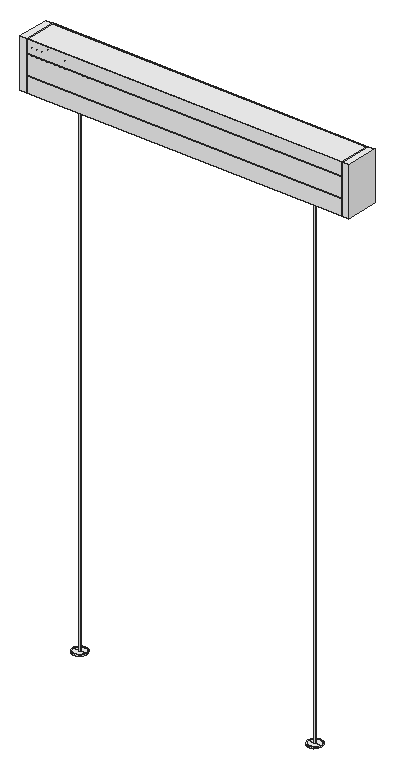
Revit family "2.3 inch  MAGIC WALL WASH LINEAR LIGHT", category Lighting Fixtures, host Face, Revit 2020 (continued)
Types (17): name | Wattage Comments | Wattage | Wall Mount | Suspenders Distance | Surface Mount | Recessed Mount | Photometric Web File | Pendent Mount | Order number | built-in parameter 1150142 | Model | built-in parameter 1150105 | Lumens | Light Source Height | Light Source Distance | built-in parameter 1150106 | Fixture Length
        45.77    41.37    38.77    36.20    33.66    31.14    \r\n 28.64    26.17    23.71    21.27    18.85    16.44    14.04    11.64    9.26     6.88     \r\n 4.50     4.52     4.54     4.56     4.57     4.59     4.61     4.63     4.65     4.66     \r\n 4.68     4.70     4.71     4.73     4.74     4.76     4.77     4.78     4.79     4.80     \r\n 4.81     4.82     4.83     4.84     4.85     4.86     4.87     4.88     4.89     4.90     \r\n 4.91     4.93     4.94     4.93     4.92     4.91     4.90     4.88     4.87     4.85     \r\n 4.83     4.81     4.79     4.77     4.75     4.73     4.71     4.68     4.66     4.64     \r\n 4.61     4.59     4.56     4.54     4.52     4.50     4.48     4.46     4.44     4.43     \r\n 4.40     4.38     4.36     4.33     4.31     4.28     4.26     4.24     4.22     4.21     \r\n 4.21     4.21     4.23     4.25     4.27     4.31     4.34     4.38     4.42     4.46     \r\n 4.51     4.55     4.60     4.65     4.70     4.76     4.82     4.88     4.94     5.00     \r\n 5.06     5.12     5.19     5.25     5.31     5.37     5.43     5.49     5.55     5.61     \r\n 5.66     5.71     5.76     5.80     5.84     5.88     5.92     5.96     5.99     6.03     \r\n 6.06     6.09     6.11     6.14     6.16     6.18     6.20     6.22     6.24     6.25     \r\n 6.26     6.26     6.26     6.27     6.26     6.25     6.25     6.24     6.23     6.22     \r\n 6.19     6.16     6.11     6.07     6.02     5.99     5.95     5.92     5.88     5.85     \r\n 5.82     5.79     5.76     5.73     5.70     5.67     5.64     5.61     5.57     5.54     \r\n 5.51     5.48     5.45     5.41     5.38     5.34     5.29     5.25     5.20     5.16     \r\n 5.11     5.07     5.03     4.99     4.94     4.90     4.86     4.82     4.77     4.73     \r\n 4.69     4.65     4.61     4.57     4.53     4.50     4.45     4.41     4.37     4.31     \r\n 4.26     \r\n1793.11  1779.69  1766.28  1752.30  1737.88  1723.48  1709.25  1695.02  1680.56  1665.96  \r\n 1651.33  1636.64  1621.93  1606.43  1590.73  1574.88  1558.73  1542.63  1525.91  1509.13  \r\n 1492.25  1475.24  1458.27  1440.41  1422.56  1404.98  1387.62  1370.22  1352.28  1334.39  \r\n 1316.50  1298.62  1280.85  1263.60  1246.42  1229.51  1212.77  1196.07  1179.44  1162.87  \r\n 1147.32  1132.28  1117.23  1102.11  1087.10  1072.56  1058.25  1044.10  1030.59  1017.13  \r\n 1004.28  990.03   975.73   961.75   947.88   934.12   920.46   906.92   893.96   881.09   \r\n 868.72   856.90   845.16   833.54   822.00   810.61   799.44   788.36   777.52   766.85   \r\n 756.27   746.03   735.89   725.96   716.25   706.59   697.00   687.46   678.01   668.89   \r\n 659.85   650.94   642.19   633.50   624.94   616.49   608.11   599.94   591.83   583.74   \r\n 575.49   566.41   556.99   547.91   538.91   529.99   521.16   512.38   503.75   495.28   \r\n 486.86   478.44   470.04   461.68   453.46   445.35   437.31   429.40   421.59   413.83   \r\n 406.16   398.61   391.14   383.70   376.14   368.62   361.14   354.04   347.00   340.00   \r\n 333.04   325.44   317.57   309.79   302.18   294.61   287.08   279.52   271.94   264.44   \r\n 257.02   249.72   242.48   235.29   228.17   221.04   213.98   206.99   200.07   193.24   \r\n 186.50   179.83   173.23   166.71   160.37   154.17   148.01   141.91   135.86   129.91   \r\n 124.01   118.16   112.34   106.57   100.83   95.06    89.33    83.66    78.04    72.48    \r\n 66.97    61.51    56.10    51.88    48.95    46.05    43.16    40.30    37.46    34.64    \r\n 31.84    29.05    26.28    23.52    20.77    18.03    15.30    12.58    9.86     7.14     \r\n 4.43     4.45     4.46     4.48     4.49     4.51     4.52     4.54     4.55     4.57     \r\n 4.58     4.60     4.61     4.62     4.64     4.65     4.66     4.67     4.69     4.70     \r\n 4.71     4.72     4.74     4.75     4.76     4.77     4.79     4.80     4.81     4.83     \r\n 4.84     4.85     4.87     4.88     4.89     4.90     4.91     4.91     4.89     4.87     \r\n 4.85     4.83     4.81     4.79     4.76     4.74     4.72     4.69     4.67     4.64     \r\n 4.61     4.58     4.54     4.49     4.44     4.38     4.31     4.24     4.16     4.09     \r\n 4.02     4.00     3.98     3.97     3.97     3.98     4.00     4.02     4.05     4.08     \r\n 4.11     4.14     4.18     4.22     4.26     4.30     4.35     4.39     4.43     4.48     \r\n 4.52     4.57     4.62     4.67     4.73     4.78     4.84     4.90     4.96     5.02     \r\n 5.09     5.15     5.22     5.28     5.34     5.39     5.45     5.50     5.55     5.60     \r\n 5.64     5.68     5.73     5.77     5.81     5.85     5.89     5.92     5.96     6.00     \r\n 6.03     6.07     6.11     6.15     6.18     6.22     6.24     6.27     6.29     6.30     \r\n 6.31     6.31     6.31     6.31     6.30     6.30     6.28     6.25     6.23     6.18     \r\n 6.14     6.09     6.05     6.01     5.98     5.95     5.92     5.89     5.86     5.83     \r\n 5.80     5.77     5.74     5.71     5.68     5.65     5.62     5.59     5.56     5.53     \r\n 5.50     5.47     5.44     5.40     5.36     5.31     5.27     5.22     5.18     5.13     \r\n 5.09     5.05     5.01     4.96     4.92     4.88     4.84     4.80     4.76     4.72     \r\n 4.68     4.64     4.60     4.56     4.52     4.49     4.45     4.41     4.36     4.31     \r\n 4.26     \r\n1793.11  1780.24  1767.38  1754.16  1740.35  1726.56  1712.90  1699.29  1685.62  1671.66  \r\n 1657.67  1643.64  1629.56  1615.46  1600.53  1585.55  1570.45  1555.10  1539.80  1524.04  \r\n 1508.08  1492.13  1475.99  1459.87  1443.41  1426.47  1409.55  1392.96  1376.44  1359.85  \r\n 1342.92  1326.05  1309.19  1292.32  1275.49  1259.20  1243.06  1227.03  1211.28  1195.59  \r\n 1179.97  1164.44  1148.99  1134.58  1120.42  1106.32  1090.69  1074.59  1058.76  1043.28  \r\n 1027.94  1013.12  998.55   984.08   970.43   956.88   943.50   930.51   917.64   904.87   \r\n 892.20   879.64   867.44   855.45   843.56   832.39   821.40   810.49   799.70   788.99   \r\n 778.39   768.04   757.76   747.65   737.81   728.04   718.49   709.23   700.05   690.97   \r\n 681.94   672.97   664.09   655.31   646.39   636.40   626.63   616.91   607.29   597.79   \r\n 588.37   579.05   569.86   560.72   551.67   542.82   534.04   525.32   516.49   507.75   \r\n 499.08   490.73   482.51   474.37   466.25   458.12   450.05   442.05   434.31   426.63   \r\n 419.01   411.37   403.70   396.09   388.53   380.70   372.36   364.07   355.85   347.69   \r\n 339.59   331.56   323.62   315.82   308.05   300.33   292.63   284.92   277.28   269.72   \r\n 262.24   254.88   247.58   240.31   233.10   225.94   218.88   211.88   204.92   198.01   \r\n 191.31   184.69   178.13   171.61   165.15   158.73   152.39   146.11   139.87   133.67   \r\n 127.51   121.39   115.29   109.22   103.19   97.20    91.24    85.31    79.42    73.55    \r\n 67.72    63.30    60.06    56.84    53.64    50.47    47.31    44.17    41.04    37.93    \r\n 34.83    31.75    28.68    25.62    22.56    19.52    16.48    13.45    10.42    7.39     \r\n 4.36     4.38     4.39     4.40     4.41     4.42     4.43     4.44     4.46     4.47     \r\n 4.48     4.49     4.50     4.51     4.52     4.53     4.54     4.55     4.56     4.57     \r\n 4.58     4.59     4.60     4.62     4.63     4.64     4.66     4.67     4.68     4.69     \r\n 4.71     4.72     4.73     4.75     4.76     4.77     4.79     4.80     4.82     4.83     \r\n 4.85     4.84     4.80     4.75     4.70     4.65     4.61     4.56     4.51     4.46     \r\n 4.42     4.37     4.33     4.29     4.25     4.21     4.18     4.14     4.11     4.08     \r\n 4.05     4.02     4.00     3.98     3.96     3.95     3.97     3.99     4.02     4.05     \r\n 4.09     4.13     4.17     4.22     4.26     4.30     4.34     4.39     4.43     4.48     \r\n 4.53     4.58     4.63     4.69     4.75     4.82     4.88     4.94     5.00     5.05     \r\n 5.12     5.18     5.24     5.30     5.36     5.42     5.49     5.54     5.58     5.63     \r\n 5.67     5.72     5.77     5.82     5.87     5.92     5.97     6.02     6.08     6.13     \r\n 6.19     6.23     6.27     6.31     6.33     6.36     6.37     6.38     6.38     6.38     \r\n 6.37     6.36     6.35     6.32     6.30     6.27     6.23     6.19     6.15     6.11     \r\n 6.07     6.04     6.01     5.97     5.94     5.91     5.88     5.85     5.82     5.79     \r\n 5.77     5.74     5.71     5.68     5.65     5.63     5.60     5.57     5.55     5.52     \r\n 5.48     5.45     5.41     5.36     5.32     5.27     5.23     5.19     5.14     5.10     \r\n 5.06     5.02     4.98     4.94     4.90     4.86     4.82     4.78     4.74     4.70     \r\n 4.66     4.62     4.58     4.55     4.51     4.48     4.44     4.40     4.36     4.31     \r\n 4.26     \r\n1793.11  1780.90  1768.68  1756.33  1743.25  1730.18  1717.18  1704.27  1691.38  1678.33  \r\n 1665.08  1651.82  1638.50  1625.15  1611.78  1597.75  1583.60  1569.46  1555.01  1540.61  \r\n 1526.15  1511.14  1496.15  1481.13  1465.99  1450.89  1435.45  1419.57  1403.73  1388.06  \r\n 1372.51  1356.96  1341.25  1325.51  1309.82  1294.10  1278.40  1262.75  1247.69  1232.75  \r\n 1217.88  1203.27  1187.35  1170.14  1153.11  1136.19  1119.52  1103.98  1088.59  1073.35  \r\n 1058.30  1043.38  1028.66  1014.41  1000.32  986.42   972.85   959.39   946.12   933.46   \r\n 920.89   908.45   896.55   884.78   873.12   861.52   850.04   838.67   827.63   816.71   \r\n 805.89   795.59   785.50   775.49   765.58   755.77   746.03   736.44   727.04   716.84   \r\n 706.00   695.47   685.02   674.64   664.60   654.69   644.86   635.05   625.27   615.58   \r\n 605.96   596.55   587.23   578.00   568.88   559.87   550.91   542.01   533.34   524.76   \r\n 516.25   507.79   499.35   490.97   482.63   474.47   466.51   458.60   450.77   442.94   \r\n 434.50   425.56   416.69   407.99   399.45   390.97   382.54   374.13   365.69   357.31   \r\n 349.01   340.77   332.71   324.72   316.78   308.89   301.04   293.20   285.43   277.72   \r\n 270.07   262.50   255.03   247.61   240.24   232.92   225.73   218.73   211.77   204.86   \r\n 197.99   191.17   184.39   177.62   170.88   164.19   157.55   150.96   144.40   137.90   \r\n 131.44   125.03   118.64   112.29   105.96   99.66    93.38    87.13    80.90    75.91    \r\n 72.36    68.83    65.32    61.83    58.35    54.90    51.45    48.02    44.61    41.20    \r\n 37.81    34.43    31.05    27.69    24.33    20.98    17.63    14.29    10.95    7.61     \r\n 4.28     4.29     4.29     4.30     4.31     4.32     4.33     4.34     4.35     4.36     \r\n 4.37     4.37     4.38     4.39     4.40     4.40     4.41     4.42     4.42     4.43     \r\n 4.44     4.44     4.45     4.46     4.48     4.49     4.50     4.51     4.52     4.54     \r\n 4.55     4.56     4.57     4.58     4.58     4.59     4.60     4.61     4.62     4.63     \r\n 4.64     4.65     4.65     4.66     4.67     4.65     4.60     4.56     4.53     4.49     \r\n 4.46     4.42     4.39     4.36     4.33     4.30     4.28     4.25     4.23     4.21     \r\n 4.18     4.16     4.14     4.12     4.10     4.09     4.08     4.07     4.06     4.05     \r\n 4.04     4.05     4.10     4.16     4.22     4.28     4.33     4.37     4.42     4.47     \r\n 4.52     4.58     4.64     4.69     4.74     4.80     4.85     4.91     4.97     5.04     \r\n 5.10     5.16     5.23     5.30     5.36     5.44     5.51     5.59     5.68     5.77     \r\n 5.86     5.97     6.06     6.13     6.20     6.25     6.31     6.35     6.39     6.42     \r\n 6.44     6.45     6.46     6.46     6.45     6.44     6.43     6.42     6.40     6.39     \r\n 6.36     6.32     6.29     6.26     6.23     6.19     6.17     6.14     6.11     6.08     \r\n 6.05     6.02     5.99     5.96     5.92     5.89     5.86     5.82     5.78     5.75     \r\n 5.73     5.70     5.68     5.66     5.63     5.61     5.58     5.55     5.52     5.49     \r\n 5.44     5.40     5.35     5.31     5.27     5.22     5.18     5.14     5.10     5.06     \r\n 5.02     4.98     4.94     4.90     4.86     4.82     4.79     4.75     4.71     4.67     \r\n 4.64     4.60     4.57     4.54     4.50     4.47     4.43     4.39     4.35     4.31     \r\n 4.26     \r\n1793.11  1781.64  1770.17  1758.71  1746.54  1734.30  1722.07  1709.94  1697.87  1685.80  \r\n 1673.52  1661.10  1648.67  1636.19  1623.68  1611.15  1598.32  1585.10  1571.90  1558.65  \r\n 1545.24  1531.89  1518.48  1504.54  1490.63  1476.75  1462.72  1448.73  1434.78  1420.21  \r\n 1405.54  1390.90  1376.40  1361.96  1347.52  1333.05  1318.58  1304.17  1289.79  1273.93  \r\n 1256.37  1238.96  1222.21  1205.57  1189.04  1172.84  1156.84  1140.99  1125.24  1109.57  \r\n 1094.02  1078.82  1064.66  1050.64  1036.76  1022.99  1009.35  995.83   982.69   969.90   \r\n 957.27   944.78   932.40   920.13   907.95   896.20   884.68   873.24   862.03   851.38   \r\n 840.84   830.41   820.05   809.77   799.61   787.76   776.12   764.58   753.15   742.02   \r\n 731.17   720.41   709.74   699.19   688.74   678.37   668.11   658.12   648.22   638.43   \r\n 628.73   619.17   609.69   600.28   590.98   581.94   572.98   564.09   555.26   546.46   \r\n 537.74   529.09   520.51   512.15   503.88   495.70   486.37   476.93   467.50   458.14   \r\n 448.86   439.65   430.69   421.80   412.97   404.20   395.48   386.78   378.15   369.59   \r\n 361.10   352.69   344.45   336.27   328.14   320.06   312.04   304.01   296.00   288.04   \r\n 280.13   272.27   264.46   256.91   249.49   242.11   234.78   227.49   220.24   213.03   \r\n 205.85   198.71   191.61   184.55   177.53   170.55   163.60   156.70   149.84   143.01   \r\n 136.22   129.46   122.72   116.02   109.34   102.69   96.07    90.00    86.13    82.27    \r\n 78.43    74.61    70.81    67.02    63.24    59.48    55.73    52.00    48.28    44.57    \r\n 40.86    37.17    33.49    29.81    26.14    22.47    18.81    15.15    11.49    7.84     \r\n 4.19     4.19     4.20     4.21     4.21     4.22     4.22     4.23     4.23     4.24     \r\n 4.24     4.25     4.25     4.26     4.26     4.27     4.27     4.28     4.28     4.28     \r\n 4.29     4.29     4.29     4.30     4.30     4.31     4.32     4.33     4.33     4.34     \r\n 4.35     4.35     4.36     4.36     4.37     4.37     4.37     4.37     4.37     4.37     \r\n 4.36     4.36     4.36     4.35     4.35     4.35     4.34     4.34     4.33     4.30     \r\n 4.28     4.26     4.23     4.21     4.19     4.18     4.17     4.16     4.16     4.15     \r\n 4.14     4.13     4.12     4.11     4.11     4.11     4.11     4.11     4.12     4.13     \r\n 4.13     4.14     4.15     4.16     4.18     4.21     4.27     4.33     4.39     4.45     \r\n 4.52     4.58     4.64     4.70     4.76     4.82     4.88     4.95     5.02     5.10     \r\n 5.17     5.26     5.34     5.44     5.53     5.62     5.71     5.81     5.91     6.00     \r\n 6.09     6.19     6.27     6.35     6.42     6.50     6.55     6.54     6.53     6.52     \r\n 6.51     6.50     6.49     6.47     6.45     6.42     6.40     6.37     6.35     6.32     \r\n 6.30     6.27     6.25     6.22     6.20     6.18     6.15     6.12     6.10     6.07     \r\n 6.04     6.01     5.98     5.94     5.91     5.87     5.84     5.81     5.78     5.75     \r\n 5.72     5.69     5.66     5.64     5.61     5.58     5.55     5.50     5.46     5.41     \r\n 5.37     5.33     5.29     5.24     5.20     5.16     5.12     5.08     5.05     5.01     \r\n 4.97     4.93     4.90     4.86     4.82     4.79     4.75     4.72     4.68     4.65     \r\n 4.62     4.58     4.55     4.52     4.49     4.45     4.42     4.39     4.34     4.30     \r\n 4.26     \r\n1793.11  1782.47  1771.83  1761.20  1750.21  1738.88  1727.56  1716.25  1705.08  1693.91  \r\n 1682.76  1671.44  1659.95  1648.45  1636.94  1625.36  1613.77  1602.16  1590.25  1578.09  \r\n 1565.93  1553.80  1541.52  1529.28  1517.10  1504.66  1491.92  1479.21  1466.53  1453.75  \r\n 1440.99  1428.28  1415.35  1401.99  1388.65  1375.35  1362.13  1346.05  1329.21  1312.49  \r\n 1295.92  1279.48  1263.15  1246.91  1230.77  1214.76  1198.89  1183.45  1168.21  1153.07  \r\n 1138.08  1123.52  1109.11  1094.83  1080.63  1066.40  1052.28  1038.28  1025.02  1012.39  \r\n 999.90   987.56   975.25   963.03   950.93   938.95   927.50   916.28   905.21   894.27   \r\n 883.23   870.95   858.09   845.38   833.05   820.91   808.88   796.97   78
